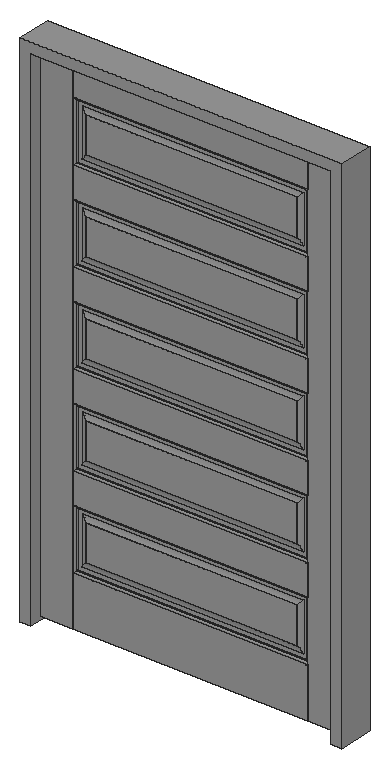
Revit family "V12005P KIAAT", category Doors, host Wall, Revit 2015
Parameters (values of type "V12005P KIAAT")
  Function = Interior
  Frame Projection Ext. = 25 mm
  Frame Projection Int. = 25 mm
  Frame Width = 75 mm
  Height = 2090 mm
  Wall Closure = By host
  Width = 1284 mm
Reference planes
  plane 1: y = 0
  plane 2 "Center (Left/Right)": x = 0
  plane 3 "Left": x = -642
  plane 4 "Right": x = 642
  plane 5: z = 2090
  plane 6 "Exterior": y = 75
  plane 7 "Interior": y = -75
Forms (mm)
  Sweep 1, solid, material "Kiaat"
    path origin (0, 75, 0) x (1, 0, 0) y (0, 0, 1)
      loop
        line (642, 0) -> (642, 2090) -> (-642, 2090) -> (-642, 0)
    profile "Van Acht 140x42 Pivot Door Frame Profile : Van Acht 140x42 Pivot Door Frame Profile" origin (642, 75, 1045) x (-1, 0, 0) y (0, -1, 0)
      loop
        line (0, 5) -> (42, 5) -> (42, 145) -> (0, 145) -> (0, 5)
  Extrusion 2, solid, material "Kiaat"
    sketch origin (193.5, -112.5, -4) x (0, 1, 0) y (0, 0, 1)
      loop
        line (122.5, 230) -> (122.5, 215) -> (102.5, 215) -> (102.5, 230) -> (98, 230) -> (98, 228)
        arc (98, 228) -> (93.634, 225.67) -> (92, 221) r 6.807
        line (92, 221) -> (90, 221) -> (90, 20) -> (135, 20) -> (135, 221) -> (133, 221)
        arc (133, 221) -> (131.366, 225.67) -> (127, 228) r 6.807
        line (127, 228) -> (127, 230) -> (122.5, 230)
      loop
        line (122.5, 469.4) -> (122.5, 454.4) -> (127, 454.4) -> (127, 456.4)
        arc (127, 456.4) -> (131.366, 458.73) -> (133, 463.4) r 6.807
        line (133, 463.4) -> (135, 463.4) -> (135, 585.4) -> (133, 585.4)
        arc (133, 585.4) -> (131.366, 590.07) -> (127, 592.4) r 6.807
        line (127, 592.4) -> (127, 594.4) -> (122.5, 594.4) -> (122.5, 579.4) -> (102.5, 579.4) -> (102.5, 594.4) -> (98, 594.4) -> (98, 592.4)
        arc (98, 592.4) -> (93.634, 590.07) -> (92, 585.4) r 6.807
        line (92, 585.4) -> (90, 585.4) -> (90, 463.4) -> (92, 463.4)
        arc (92, 463.4) -> (93.634, 458.73) -> (98, 456.4) r 6.807
        line (98, 456.4) -> (98, 454.4) -> (102.5, 454.4) -> (102.5, 469.4) -> (122.5, 469.4)
      loop
        line (122.5, 1927) -> (122.5, 1912) -> (127, 1912) -> (127, 1914)
        arc (127, 1914) -> (131.366, 1916.33) -> (133, 1921) r 6.807
        line (133, 1921) -> (135, 1921) -> (135, 2052) -> (90, 2052) -> (90, 1921) -> (92, 1921)
        arc (92, 1921) -> (93.634, 1916.33) -> (98, 1914) r 6.807
        line (98, 1914) -> (98, 1912) -> (102.5, 1912) -> (102.5, 1927) -> (122.5, 1927)
      loop
        line (122.5, 833.8) -> (122.5, 818.8) -> (127, 818.8) -> (127, 820.8)
        arc (127, 820.8) -> (131.366, 823.13) -> (133, 827.8) r 6.807
        line (133, 827.8) -> (135, 827.8) -> (135, 949.8) -> (133, 949.8)
        arc (133, 949.8) -> (131.366, 954.47) -> (127, 956.8) r 6.807
        line (127, 956.8) -> (127, 958.8) -> (122.5, 958.8) -> (122.5, 943.8) -> (102.5, 943.8) -> (102.5, 958.8) -> (98, 958.8) -> (98, 956.8)
        arc (98, 956.8) -> (93.634, 954.47) -> (92, 949.8) r 6.807
        line (92, 949.8) -> (90, 949.8) -> (90, 827.8) -> (92, 827.8)
        arc (92, 827.8) -> (93.634, 823.13) -> (98, 820.8) r 6.807
        line (98, 820.8) -> (98, 818.8) -> (102.5, 818.8) -> (102.5, 833.8) -> (122.5, 833.8)
      loop
        line (122.5, 1198.2) -> (122.5, 1183.2) -> (127, 1183.2) -> (127, 1185.2)
        arc (127, 1185.2) -> (131.366, 1187.53) -> (133, 1192.2) r 6.807
        line (133, 1192.2) -> (135, 1192.2) -> (135, 1314.2) -> (133, 1314.2)
        arc (133, 1314.2) -> (131.366, 1318.87) -> (127, 1321.2) r 6.807
        line (127, 1321.2) -> (127, 1323.2) -> (122.5, 1323.2) -> (122.5, 1308.2) -> (102.5, 1308.2) -> (102.5, 1323.2) -> (98, 1323.2) -> (98, 1321.2)
        arc (98, 1321.2) -> (93.634, 1318.87) -> (92, 1314.2) r 6.807
        line (92, 1314.2) -> (90, 1314.2) -> (90, 1192.2) -> (92, 1192.2)
        arc (92, 1192.2) -> (93.634, 1187.53) -> (98, 1185.2) r 6.807
        line (98, 1185.2) -> (98, 1183.2) -> (102.5, 1183.2) -> (102.5, 1198.2) -> (122.5, 1198.2)
      loop
        line (122.5, 1562.6) -> (122.5, 1547.6) -> (127, 1547.6) -> (127, 1549.6)
        arc (127, 1549.6) -> (131.366, 1551.93) -> (133, 1556.6) r 6.807
        line (133, 1556.6) -> (135, 1556.6) -> (135, 1678.6) -> (133, 1678.6)
        arc (133, 1678.6) -> (131.366, 1683.27) -> (127, 1685.6) r 6.807
        line (127, 1685.6) -> (127, 1687.6) -> (122.5, 1687.6) -> (122.5, 1672.6) -> (102.5, 1672.6) -> (102.5, 1687.6) -> (98, 1687.6) -> (98, 1685.6)
        arc (98, 1685.6) -> (93.634, 1683.27) -> (92, 1678.6) r 6.807
        line (92, 1678.6) -> (90, 1678.6) -> (90, 1556.6) -> (92, 1556.6)
        arc (92, 1556.6) -> (93.634, 1551.93) -> (98, 1549.6) r 6.807
        line (98, 1549.6) -> (98, 1547.6) -> (102.5, 1547.6) -> (102.5, 1562.6) -> (122.5, 1562.6)
    from -662.5 to 275.5
  Extrusion 3, solid, material "Kiaat"
    sketch origin (193.5, -27.5, -4) x (1, 0, 0) y (0, 1, 0)
      loop
        line (-793.5, 50) -> (-793.5, 5) -> (-662.5, 5) -> (-662.5, 7)
        arc (-662.5, 7) -> (-657.765, 8.56) -> (-655.5, 13) r 6.549
        line (-655.5, 13) -> (-653.5, 13) -> (-653.5, 17.5) -> (-668.5, 17.5) -> (-668.5, 37.5) -> (-653.5, 37.5) -> (-653.5, 42) -> (-655.5, 42)
        arc (-655.5, 42) -> (-657.765, 46.44) -> (-662.5, 48) r 6.549
        line (-662.5, 48) -> (-662.5, 50) -> (-793.5, 50)
      loop
        line (406.5, 50) -> (275.5, 50) -> (275.5, 48)
        arc (275.5, 48) -> (270.765, 46.44) -> (268.5, 42) r 6.549
        line (268.5, 42) -> (266.5, 42) -> (266.5, 37.5) -> (281.5, 37.5) -> (281.5, 17.5) -> (266.5, 17.5) -> (266.5, 13) -> (268.5, 13)
        arc (268.5, 13) -> (270.765, 8.56) -> (275.5, 7) r 6.549
        line (275.5, 7) -> (275.5, 5) -> (406.5, 5) -> (406.5, 50)
    from 20 to 2052
  Sweep 4, solid, material "Kiaat"
    path origin (193.5, 47.5, -4) x (1, 0, 0) y (0, 0, 1)
      loop
        line (275.5, 1921) -> (-662.5, 1921) -> (-662.5, 1678.6) -> (275.5, 1678.6) -> (275.5, 1921)
    profile origin (0, 47.5, 1917) x (0, 0, -1) y (0, -1, 0)
      loop
        line (-4.5, 57.5) -> (-4.5, 37.5) -> (25.727, 37.5)
        arc (25.727, 37.5) -> (37.468, 35.847) -> (48.5, 31.5) r 50.456
        line (48.5, 31.5) -> (48.5, 63.5)
        arc (48.5, 63.5) -> (37.468, 59.153) -> (25.727, 57.5) r 50.456
        line (25.727, 57.5) -> (-4.5, 57.5)
  Extrusion 5, solid, material "Kiaat"
    sketch origin (193.5, 47.5, 711) x (1, 0, 0) y (0, 0, 1)
      loop
        line (227, 1157.5) -> (-614, 1157.5) -> (-614, 1012.1) -> (227, 1012.1) -> (227, 1157.5)
    from 31.5 to 63.5
  Sweep 6, solid, material "Kiaat"
    path origin (193.5, 47.5, -368.4) x (1, 0, 0) y (0, 0, 1)
      loop
        line (275.5, 1921) -> (-662.5, 1921) -> (-662.5, 1678.6) -> (275.5, 1678.6) -> (275.5, 1921)
    profile origin (0, 47.5, 1552.6) x (0, 0, -1) y (0, -1, 0)
      loop
        line (-4.5, 57.5) -> (-4.5, 37.5) -> (25.727, 37.5)
        arc (25.727, 37.5) -> (37.468, 35.847) -> (48.5, 31.5) r 50.456
        line (48.5, 31.5) -> (48.5, 63.5)
        arc (48.5, 63.5) -> (37.468, 59.153) -> (25.727, 57.5) r 50.456
        line (25.727, 57.5) -> (-4.5, 57.5)
  Extrusion 7, solid, material "Kiaat"
    sketch origin (193.5, 47.5, 346.6) x (1, 0, 0) y (0, 0, 1)
      loop
        line (227, 1157.5) -> (-614, 1157.5) -> (-614, 1012.1) -> (227, 1012.1) -> (227, 1157.5)
    from 31.5 to 63.5
  Sweep 8, solid, material "Kiaat"
    path origin (193.5, 47.5, -732.8) x (1, 0, 0) y (0, 0, 1)
      loop
        line (275.5, 1921) -> (-662.5, 1921) -> (-662.5, 1678.6) -> (275.5, 1678.6) -> (275.5, 1921)
    profile origin (0, 47.5, 1188.2) x (0, 0, -1) y (0, -1, 0)
      loop
        line (-4.5, 57.5) -> (-4.5, 37.5) -> (25.727, 37.5)
        arc (25.727, 37.5) -> (37.468, 35.847) -> (48.5, 31.5) r 50.456
        line (48.5, 31.5) -> (48.5, 63.5)
        arc (48.5, 63.5) -> (37.468, 59.153) -> (25.727, 57.5) r 50.456
        line (25.727, 57.5) -> (-4.5, 57.5)
  Extrusion 9, solid, material "Kiaat"
    sketch origin (193.5, 47.5, -17.8) x (1, 0, 0) y (0, 0, 1)
      loop
        line (227, 1157.5) -> (-614, 1157.5) -> (-614, 1012.1) -> (227, 1012.1) -> (227, 1157.5)
    from 31.5 to 63.5
  Sweep 10, solid, material "Kiaat"
    path origin (193.5, 47.5, -1097.2) x (1, 0, 0) y (0, 0, 1)
      loop
        line (275.5, 1921) -> (-662.5, 1921) -> (-662.5, 1678.6) -> (275.5, 1678.6) -> (275.5, 1921)
    profile origin (0, 47.5, 823.8) x (0, 0, -1) y (0, -1, 0)
      loop
        line (-4.5, 57.5) -> (-4.5, 37.5) -> (25.727, 37.5)
        arc (25.727, 37.5) -> (37.468, 35.847) -> (48.5, 31.5) r 50.456
        line (48.5, 31.5) -> (48.5, 63.5)
        arc (48.5, 63.5) -> (37.468, 59.153) -> (25.727, 57.5) r 50.456
        line (25.727, 57.5) -> (-4.5, 57.5)
  Extrusion 11, solid, material "Kiaat"
    sketch origin (193.5, 47.5, -382.2) x (1, 0, 0) y (0, 0, 1)
      loop
        line (227, 1157.5) -> (-614, 1157.5) -> (-614, 1012.1) -> (227, 1012.1) -> (227, 1157.5)
    from 31.5 to 63.5
  Sweep 12, solid, material "Kiaat"
    path origin (193.5, 47.5, -1461.6) x (1, 0, 0) y (0, 0, 1)
      loop
        line (275.5, 1921) -> (-662.5, 1921) -> (-662.5, 1678.6) -> (275.5, 1678.6) -> (275.5, 1921)
    profile origin (0, 47.5, 459.4) x (0, 0, -1) y (0, -1, 0)
      loop
        line (-4.5, 57.5) -> (-4.5, 37.5) -> (25.727, 37.5)
        arc (25.727, 37.5) -> (37.468, 35.847) -> (48.5, 31.5) r 50.456
        line (48.5, 31.5) -> (48.5, 63.5)
        arc (48.5, 63.5) -> (37.468, 59.153) -> (25.727, 57.5) r 50.456
        line (25.727, 57.5) -> (-4.5, 57.5)
  Extrusion 13, solid, material "Kiaat"
    sketch origin (193.5, 47.5, -746.6) x (1, 0, 0) y (0, 0, 1)
      loop
        line (227, 1157.5) -> (-614, 1157.5) -> (-614, 1012.1) -> (227, 1012.1) -> (227, 1157.5)
    from 31.5 to 63.5
Lines and regions (mm)
  Opening 1
    outline origin (-3050, -75, 0) x (1, 0, 0) y (0, 0, 1)
      loop
        line (2408, 0) -> (3692, 0) -> (3692, 2090) -> (2408, 2090) -> (2408, 0)
  symbolic lines, style "Elevation Swing"
    curve 1: line (642, -75, 1045) -> (-300, -75, 2048)
    curve 2: line (642, -75, 1045) -> (-300, -75, 0)
    curve 3: line (-600, -75, 1045) -> (-300, -75, 2048)
    curve 4: line (-600, -75, 1045) -> (-300, -75, 0)
  model lines
    curve 5: line (-600, 22.5, 0) -> (600, 22.5, 0)
    curve 6: line (-600, -22.5, 0) -> (600, -22.5, 0)
    curve 7: line (-300, 22.5, 0) -> (-300, 922.5, 0)
    curve 8: arc (600, 22.5, 0) -> (336.396, 658.896, 0) -> (-300, 922.5, 0) r 900
    curve 9: line (-300, -22.5, 0) -> (-300, -322.5, 0)
    curve 10: arc (-300, -322.5, 0) -> (-512.132, -234.632, 0) -> (-600, -22.5, 0) r 300
  model lines, style "Elevation Swing"
    curve 11: line (-300, 0, 0) -> (-300, 0, 2048)
Text (mm)
  text "Exterior" at (-2295.016, 1099.543, 0), in view "Ref. Level"
  text "Exterior" at (0, 1615.38, 3698.081), in view "Left"
  text "Exterior" at (0, 1036.032, 3874.932), in view "Right"
Dimensions and locks
  equal spacing: plane 3 "Left", plane 2 "Center (Left/Right)", plane 4 "Right"
  "Width": plane 3 "Left" to plane 4 "Right"
  "Height": plane 5 to host wall
  equal spacing: host wall, curve 2, plane 5
  host wall to plane 5 = 2090 mm
  locked: plane 6 "Exterior" to host wall at 0
  locked: plane 7 "Interior" to host wall
  aligned and locked: plane 3 "Left" to Opening 1 sketch curve
  aligned and locked: plane 5 to Opening 1 sketch curve  (x2)
  aligned and locked: Opening 1 sketch curve to plane 4 "Right"
  aligned and locked: Opening 1 sketch curve to level
  aligned and locked: plane 1 to host wall
Automatic sketch dimensions
  curve 11 to level = 0 mm
  curve 2 to level = 0 mm
  plane 4 "Right" to curve 2 = 0 mm
  plane 5 to curve 11 = 42 mm
  curve 1 to curve 11 = 0 mm  (x2)
  curve 11 to plane 2 "Center (Left/Right)" = 300 mm
  curve 2 to curve 11 = 0 mm
  plane 3 "Left" to Sweep 1 sketch curve = 0 mm
  plane 4 "Right" to Sweep 1 sketch curve = 0 mm
  Sweep 1 sketch curve to level = 0 mm  (x2)
  Sweep 1 sketch curve to plane 5 = 0 mm
  curve 4 to level = 0 mm
  curve 4 to plane 3 "Left" = 42 mm
  level to curve 4 = 1045 mm
  curve 4 to plane 2 "Center (Left/Right)" = 300 mm
  plane 5 to curve 3 = 42 mm
  curve 3 to plane 2 "Center (Left/Right)" = 300 mm
  curve 6 to plane 3 "Left" = 42 mm
  curve 7 to plane 2 "Center (Left/Right)" = 300 mm
  curve 10 to curve 8 = 0 mm
  plane 4 "Right" to curve 5 = 42 mm
  host wall to curve 9 = 247.5 mm
  curve 5 to host wall = 22.5 mm
  curve 5 to plane 3 "Left" = 42 mm
  plane 4 "Right" to curve 6 = 42 mm
  host wall to Extrusion 2 sketch curve = 22.5 mm  (x6)
  Extrusion 2 sketch curve to Extrusion 2 sketch curve = 2 mm  (x35)
  Extrusion 2 sketch curve to Extrusion 2 sketch curve = 6 mm  (x20)
  Extrusion 2 sketch curve to Extrusion 2 sketch curve = 0.803 mm  (x10)
  Extrusion 2 sketch curve to Extrusion 2 sketch curve = 3.697 mm  (x16)
  Extrusion 2 sketch curve to Extrusion 2 sketch curve = 4.5 mm  (x14)
  Extrusion 2 sketch curve to host wall = 10 mm  (x10)
  Extrusion 2 sketch curve to Extrusion 2 sketch curve = 6.803 mm  (x10)
  Extrusion 2 sketch curve to host wall = 22.5 mm
  level to Extrusion 2 sketch curve = 16 mm
  Extrusion 2 sketch curve to Extrusion 2 sketch curve = 195 mm
  Extrusion 2 sketch curve to Extrusion 2 sketch curve = 0.241 mm  (x10)
  Extrusion 2 sketch curve to Extrusion 2 sketch curve = 224.4 mm  (x4)
  Extrusion 2 sketch curve to Extrusion 2 sketch curve = 0 mm  (x5)
  Extrusion 2 sketch curve to Extrusion 2 sketch curve = 6.759 mm  (x10)
  Extrusion 2 sketch curve to Extrusion 2 sketch curve = 6.241 mm  (x5)
  Extrusion 2 sketch curve to Extrusion 2 sketch curve = 110 mm  (x4)
  plane 5 to Extrusion 2 sketch curve = 182 mm
  plane 5 to Extrusion 2 sketch curve = 42 mm
  Extrusion 3 sketch curve to plane 3 "Left" = 42 mm
  host wall to Extrusion 3 sketch curve = 10 mm  (x2)
  Extrusion 3 sketch curve to Extrusion 3 sketch curve = 125 mm
  Extrusion 3 sketch curve to Extrusion 3 sketch curve = 6 mm  (x2)
  Extrusion 3 sketch curve to Extrusion 3 sketch curve = 0.473 mm  (x4)
  Extrusion 3 sketch curve to Extrusion 3 sketch curve = 6.527 mm  (x4)
  Extrusion 3 sketch curve to Extrusion 3 sketch curve = 2 mm  (x8)
  Extrusion 3 sketch curve to host wall = 14.5 mm
  plane 4 "Right" to Extrusion 3 sketch curve = 182 mm
  Extrusion 3 sketch curve to Extrusion 3 sketch curve = 0 mm
  Extrusion 3 sketch curve to Extrusion 3 sketch curve = 6.473 mm
  plane 4 "Right" to Extrusion 3 sketch curve = 42 mm
  Extrusion 3 sketch curve to Extrusion 3 sketch curve = 3.968 mm  (x3)
  Extrusion 3 sketch curve to Extrusion 3 sketch curve = 4.5 mm  (x3)
  Extrusion 3 sketch curve to host wall = 10 mm  (x2)
  Extrusion 3 sketch curve to Extrusion 3 sketch curve = 0.532 mm
  Sweep 4 sketch curve to plane 3 "Left" = 173 mm
  plane 4 "Right" to Sweep 4 sketch curve = 173 mm
  plane 5 to Sweep 4 sketch curve = 415.4 mm
  plane 5 to Sweep 4 sketch curve = 173 mm
  profile plane to Sweep 4 sketch curve = 4.5 mm
  Sweep 4 sketch curve to profile plane = 24.613 mm  (x2)
  Sweep 4 sketch curve to profile plane = 25.727 mm
  Sweep 4 sketch curve to Sweep 4 sketch curve = 0 mm
  Sweep 4 sketch curve to Sweep 4 sketch curve = 22.773 mm
  Sweep 4 sketch curve to profile plane = 12.944 mm
  profile plane to Sweep 4 sketch curve = 31.5 mm
  Sweep 4 sketch curve to Sweep 4 sketch curve = 20 mm
  Sweep 4 sketch curve to Sweep 4 sketch curve = 6 mm
  Extrusion 5 sketch curve to plane 3 "Left" = 221.5 mm
  plane 4 "Right" to Extrusion 5 sketch curve = 221.5 mm
  plane 5 to Extrusion 5 sketch curve = 366.9 mm
  Extrusion 5 sketch curve to Extrusion 5 sketch curve = 145.4 mm
  Sweep 6 sketch curve to plane 3 "Left" = 173 mm
  plane 4 "Right" to Sweep 6 sketch curve = 173 mm
  plane 5 to Sweep 6 sketch curve = 779.8 mm
  Sweep 6 sketch curve to Sweep 6 sketch curve = 242.4 mm
  profile plane to Sweep 6 sketch curve = 4.5 mm
  Sweep 6 sketch curve to profile plane = 24.613 mm  (x2)
  Sweep 6 sketch curve to profile plane = 25.727 mm
  Sweep 6 sketch curve to Sweep 6 sketch curve = 0 mm
  Sweep 6 sketch curve to Sweep 6 sketch curve = 22.773 mm
  Sweep 6 sketch curve to profile plane = 12.944 mm
  profile plane to Sweep 6 sketch curve = 31.5 mm
  Sweep 6 sketch curve to Sweep 6 sketch curve = 20 mm
  Sweep 6 sketch curve to Sweep 6 sketch curve = 6 mm
  Extrusion 7 sketch curve to plane 3 "Left" = 221.5 mm
  plane 4 "Right" to Extrusion 7 sketch curve = 221.5 mm
  plane 5 to Extrusion 7 sketch curve = 731.3 mm
  Extrusion 7 sketch curve to Extrusion 7 sketch curve = 145.4 mm
  Sweep 8 sketch curve to plane 3 "Left" = 173 mm
  plane 4 "Right" to Sweep 8 sketch curve = 173 mm
  level to Sweep 8 sketch curve = 945.8 mm
  Sweep 8 sketch curve to Sweep 8 sketch curve = 242.4 mm
  profile plane to Sweep 8 sketch curve = 4.5 mm
  Sweep 8 sketch curve to profile plane = 24.613 mm  (x2)
  Sweep 8 sketch curve to profile plane = 25.727 mm
  Sweep 8 sketch curve to Sweep 8 sketch curve = 0 mm
  Sweep 8 sketch curve to Sweep 8 sketch curve = 22.773 mm
  Sweep 8 sketch curve to profile plane = 12.944 mm
  profile plane to Sweep 8 sketch curve = 31.5 mm
  Sweep 8 sketch curve to Sweep 8 sketch curve = 20 mm
  Sweep 8 sketch curve to Sweep 8 sketch curve = 6 mm
  Extrusion 9 sketch curve to plane 3 "Left" = 221.5 mm
  plane 4 "Right" to Extrusion 9 sketch curve = 221.5 mm
  level to Extrusion 9 sketch curve = 994.3 mm
  Extrusion 9 sketch curve to Extrusion 9 sketch curve = 145.4 mm
  Sweep 10 sketch curve to plane 3 "Left" = 173 mm
  plane 4 "Right" to Sweep 10 sketch curve = 173 mm
  level to Sweep 10 sketch curve = 581.4 mm
  Sweep 10 sketch curve to Sweep 10 sketch curve = 242.4 mm
  profile plane to Sweep 10 sketch curve = 4.5 mm
  Sweep 10 sketch curve to profile plane = 24.613 mm  (x2)
  Sweep 10 sketch curve to profile plane = 25.727 mm
  Sweep 10 sketch curve to Sweep 10 sketch curve = 0 mm
  Sweep 10 sketch curve to Sweep 10 sketch curve = 22.773 mm
  Sweep 10 sketch curve to profile plane = 12.944 mm
  profile plane to Sweep 10 sketch curve = 31.5 mm
  Sweep 10 sketch curve to Sweep 10 sketch curve = 20 mm
  Sweep 10 sketch curve to Sweep 10 sketch curve = 6 mm
  Extrusion 11 sketch curve to plane 3 "Left" = 221.5 mm
  plane 4 "Right" to Extrusion 11 sketch curve = 221.5 mm
  level to Extrusion 11 sketch curve = 629.9 mm
  Extrusion 11 sketch curve to Extrusion 11 sketch curve = 145.4 mm
  Sweep 12 sketch curve to plane 3 "Left" = 173 mm
  plane 4 "Right" to Sweep 12 sketch curve = 173 mm
  level to Sweep 12 sketch curve = 217 mm
  Sweep 12 sketch curve to Sweep 12 sketch curve = 242.4 mm
  profile plane to Sweep 12 sketch curve = 4.5 mm
  Sweep 12 sketch curve to profile plane = 24.613 mm  (x2)
  Sweep 12 sketch curve to profile plane = 25.727 mm
  Sweep 12 sketch curve to Sweep 12 sketch curve = 0 mm
  Sweep 12 sketch curve to Sweep 12 sketch curve = 22.773 mm
  Sweep 12 sketch curve to profile plane = 12.944 mm
  profile plane to Sweep 12 sketch curve = 31.5 mm
  Sweep 12 sketch curve to Sweep 12 sketch curve = 20 mm
  Sweep 12 sketch curve to Sweep 12 sketch curve = 6 mm
  Extrusion 13 sketch curve to plane 3 "Left" = 221.5 mm
  plane 4 "Right" to Extrusion 13 sketch curve = 221.5 mm
  level to Extrusion 13 sketch curve = 265.5 mm
  Extrusion 13 sketch curve to Extrusion 13 sketch curve = 145.4 mm
